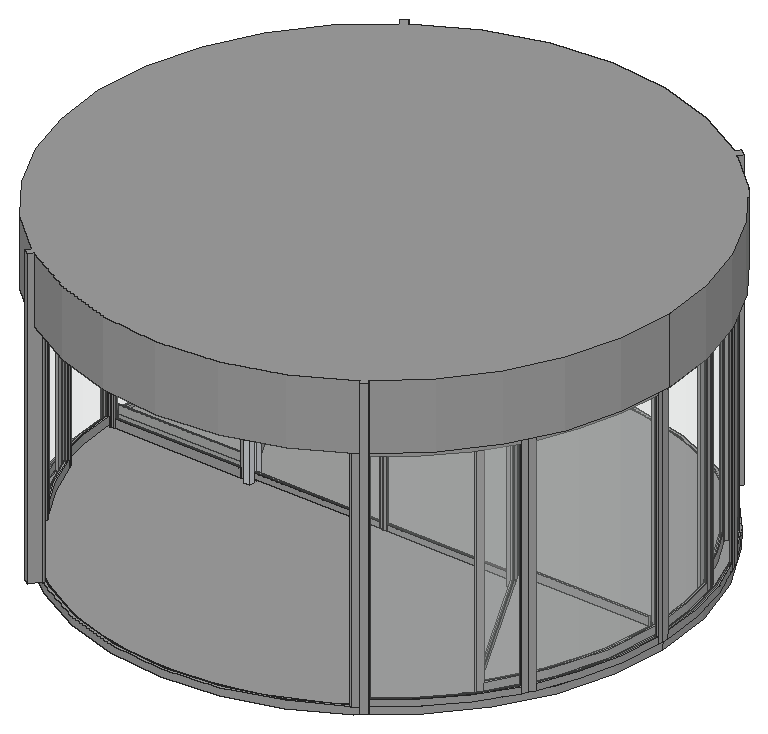
Revit family "Agta_Record_RlvngDrsetSym_K21", category Doors, Revit 2012 (continued)
Definition of nested family "Movable circular panels"
  Automatic sketch dimensions
    Sweep 32 sketch curve to Sweep 32 sketch curve = 26.00 mm
    Sweep 32 sketch curve to plane 4 "Top Plane" = 53.00 mm
    Sweep 33 sketch curve to plane 3 "Center (Left/Right)" = 0.00 mm
    plane 4 "Top Plane" to Sweep 33 sketch curve = 0.00 mm
    Sweep 33 sketch curve to profile plane = 0.00 mm
    profile plane to Sweep 33 sketch curve = 26.00 mm
    Sweep 33 sketch curve to Sweep 33 sketch curve = 53.00 mm
    Sweep 34 sketch curve to plane 3 "Center (Left/Right)" = 0.00 mm
    Sweep 34 sketch curve to plane 4 "Top Plane" = 0.00 mm
    Sweep 34 sketch curve to profile plane = 0.00 mm
    Sweep 34 sketch curve to Sweep 34 sketch curve = 26.00 mm
    Sweep 34 sketch curve to plane 4 "Top Plane" = 53.00 mm
    curve 11 to curve 25 = 0.00 mm
    curve 25 to curve 11 = 0.00 mm
    curve 27 to curve 11 = 9.986 mm
    curve 11 to curve 27 = 179.502 mm
    curve 11 to curve 25 = 156.07 mm
    curve 11 to curve 26 = 25.37 mm
    curve 26 to curve 11 = 9.986 mm
    curve 26 to curve 26 = 35.355 mm
    curve 28 to curve 6 = 0.00 mm  (x2)
    curve 30 to curve 6 = 9.986 mm
    curve 6 to curve 30 = 179.502 mm
    curve 6 to curve 28 = 156.07 mm
    curve 6 to curve 29 = 25.37 mm
    curve 29 to curve 6 = 9.986 mm
    curve 29 to curve 28 = 35.355 mm
    Masking region 1 sketch curve to Masking region 1 sketch curve = 7.521 mm  (x2)
    Masking region 1 sketch curve to Masking region 1 sketch curve = 9.643 mm
    Masking region 1 sketch curve to Masking region 1 sketch curve = 9.646 mm
    Masking region 1 sketch curve to Masking region 1 sketch curve = 0.139 mm
    Masking region 1 sketch curve to Masking region 1 sketch curve = 0.146 mm
    Masking region 1 sketch curve to Masking region 1 sketch curve = 14.924 mm
    Masking region 1 sketch curve to Masking region 1 sketch curve = 0.145 mm
    Masking region 1 sketch curve to Masking region 1 sketch curve = 0.119 mm
    Masking region 2 sketch curve to Masking region 2 sketch curve = 8.337 mm
    Masking region 2 sketch curve to Masking region 2 sketch curve = 0.123 mm
    Masking region 2 sketch curve to Masking region 2 sketch curve = 0.142 mm
    Masking region 2 sketch curve to Masking region 2 sketch curve = 44.672 mm
    Masking region 2 sketch curve to Masking region 2 sketch curve = 3.918 mm
    Masking region 2 sketch curve to Masking region 2 sketch curve = 7.836 mm
    Masking region 2 sketch curve to Masking region 2 sketch curve = 8.899 mm
    curve 31 to curve 32 = 8.599 mm
    curve 31 to curve 31 = 4.242 mm
    curve 34 to curve 32 = 7.893 mm
    curve 34 to curve 33 = 7.932 mm
    curve 32 to curve 35 = 7.958 mm
    curve 33 to curve 35 = 7.984 mm
    Masking region 5 sketch curve to Masking region 5 sketch curve = 3.918 mm  (x2)
    Masking region 5 sketch curve to Masking region 5 sketch curve = 8.028 mm
    Masking region 5 sketch curve to Masking region 5 sketch curve = 8.335 mm
    Masking region 5 sketch curve to Masking region 5 sketch curve = 8.337 mm
    Masking region 6 sketch curve to Masking region 6 sketch curve = 7.521 mm  (x2)
    Masking region 6 sketch curve to Masking region 6 sketch curve = 14.924 mm
    Masking region 6 sketch curve to Masking region 6 sketch curve = 9.643 mm
    Masking region 6 sketch curve to Masking region 6 sketch curve = 9.646 mm
    Masking region 6 sketch curve to Masking region 6 sketch curve = 0.139 mm
    Masking region 6 sketch curve to Masking region 6 sketch curve = 0.146 mm
    Masking region 6 sketch curve to Masking region 6 sketch curve = 0.145 mm
    curve 45 to curve 48 = 4.629 mm
    curve 49 to curve 45 = 4.391 mm
    curve 36 to curve 37 = 43.736 mm
    curve 36 to curve 36 = 14.685 mm
    curve 37 to curve 40 = 4.519 mm
    curve 39 to curve 37 = 4.273 mm
    curve 54 to curve 53 = 50.602 mm
    curve 54 to curve 54 = 7.732 mm
    curve 38 to curve 40 = 2.411 mm
    curve 39 to curve 38 = 2.695 mm
    curve 53 to curve 58 = 2.379 mm
    curve 57 to curve 53 = 2.101 mm
    curve 52 to curve 58 = 0.134 mm
    curve 57 to curve 52 = 0.425 mm
    curve 43 to curve 47 = 0.425 mm
    curve 46 to curve 43 = 0.134 mm
    curve 42 to curve 47 = 2.101 mm
    curve 46 to curve 42 = 2.379 mm
    curve 42 to curve 41 = 50.231 mm
    curve 41 to curve 41 = 7.732 mm
    curve 50 to curve 55 = 4.391 mm
    curve 56 to curve 50 = 4.629 mm
